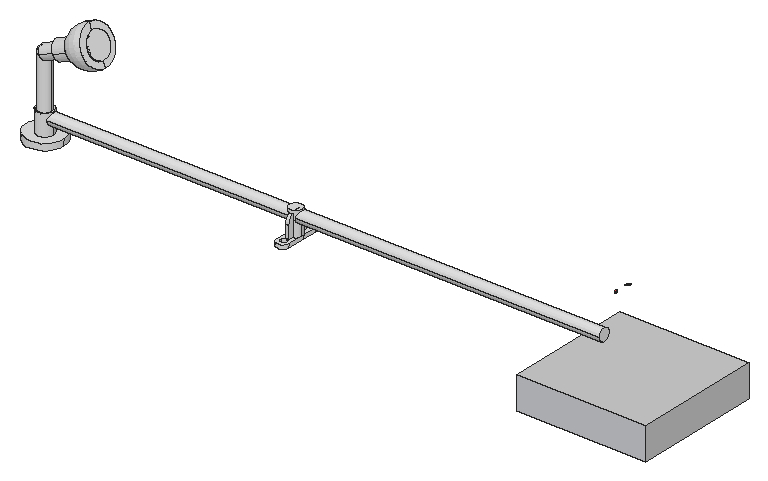
Revit family "PRESTO ALPA 90 ARTE con valvula de vaciado", category Aparatos sanitarios, Revit 2015
Parameters (values of type "98927")
  URL = "http://www.prestoiberica.com/ducha/temporizada-arte/conjunto-alpa-90-arte-con-rociador-orientable?c=es"
  Teléfono = "(+34) 915 782 575"
  TIPO DE AGUA = "Fria/Caliente"
  REFERENCIA = "98927"
  Presión Máxima = ""
  PESO BRUTO = "1.030 Kg"
  Keynote = ""
  Modelo = "CONJUNTO ALPA 90 ARTE CON ROCIADOR ORIENTABLE"
  Material = LATON CROMADO
  Imagen de tipo = <Ninguno>
  Fabricante = "PRESTO IBÉRICA"
  Default Elevation = 1219.2 mm
  ENTRADA = "Macho y hembra 3/4\""
  Descripción = "Conjunto suministrado con grifo PRESTO ALPA 90 ARTE, regulador automático de caudal, tubo brida, con racor y rociador antivandálico orientable en latón cromado y pulsador ARTE cromado."
  Código de montaje = "C1030220"
  Contacto = "info@prestoiberica.com"
  Conexión AF = yes
  Conexión AC = yes
  Comentarios de tipo = "Cabeza intercambiable que comprende todo el cuerpo del grifo\r\nCuerpo y pulsador de latón cromado,piezas interiores en materiales que soportan hasta los 70ºC que permiten desinfecciones térmicas anti-legionela. Válvulas antirretorno incorporadas."
  CIERRE = "Automático en 30 seg."
  CAUDAL = "8 L/Min"
  Accionamiento = "Por pulsador"
Reference planes
  plane 1 "Centro (Frontal/Posterior)": y = 0
  plane 2: z = 0
  plane 3 "Centro (Izquierda/Derecha)": x = 0
Forms (mm)
  Extrusion 1, solid
    sketch origin (0, 0, 0) x (1, 0, 0) y (0, 1, 0)
      loop
        line (-100, 100) -> (-100, -100) -> (100, -100) -> (100, 100) -> (-100, 100)
    from 0 to -50
  Extrusion 2, solid, material "AGUA CALIENTE"
    sketch origin (18.981, 18.832, 106.65) x (-0.374607, -0.927184, 0) y (0.927184, -0.374607, 0)
      loop
        arc (40.454, -24.81) -> (42.348, -22.538) -> (43.653, -19.884) r 12.445
        arc (43.653, -19.884) -> (43.179, -18.897) -> (42.192, -19.371) r 0.774
        arc (42.192, -19.371) -> (40.759, -21.672) -> (39.087, -23.806) r 25.099
        arc (39.087, -23.806) -> (39.352, -24.878) -> (40.454, -24.81) r 0.862
    from 0 to 0.2
  Extrusion 3, solid, material "AGUA FRIA"
    sketch origin (-1.84, -27.116, 106.65) x (-0.34202, 0.939693, 0) y (-0.939693, -0.34202, 0)
      loop
        arc (40.452, 3.771) -> (39.35, 3.839) -> (39.084, 2.766) r 0.862
        arc (39.084, 2.766) -> (40.757, 0.633) -> (42.189, -1.668) r 25.099
        arc (42.189, -1.668) -> (43.177, -2.142) -> (43.651, -1.155) r 0.774
        arc (43.651, -1.155) -> (42.346, 1.499) -> (40.452, 3.771) r 12.445
    from 0 to 0.2
  Sweep 4, solid, material "LATON CROMADO"
    path origin (0, 0, 0) x (1, 0, 0) y (0, 0, 1)
      loop
        line (-44.5, 32) -> (-904.458, 32)
    profile origin (-474.479, 0, 32) x (0, 0, -1) y (0, -1, 0)
      loop
        circle (0, 0) r 9
  Extrusion 5, solid, material "LATON CROMADO"
    sketch origin (0, 0, 0) x (1, 0, 0) y (0, 1, 0)
      loop
        line (-513.948, 2.095) -> (-513.948, 25.54)
        arc (-513.948, 25.54) -> (-523.721, 35.313) -> (-533.495, 25.54) r 9.774
        line (-533.495, 25.54) -> (-533.495, 2.095) -> (-533.495, -25.54)
        arc (-533.495, -25.54) -> (-523.721, -35.313) -> (-513.948, -25.54) r 9.774
        line (-513.948, -25.54) -> (-513.948, 2.095)
      loop
        circle (-523.721, 23.424) r 5
      loop
        circle (-523.721, -23.424) r 5
    from 0 to 5
  Extrusion 6, solid, material "LATON CROMADO"
    sketch origin (-523.721, 0, 0) x (0, 1, 0) y (0, 0, 1)
      loop
        line (-16.634, 5) -> (-10.056, 5) -> (-10.056, 24.076)
        arc (-10.056, 24.076) -> (-0.368, 33.763) -> (9.32, 24.076) r 9.688
        line (9.32, 24.076) -> (9.32, 5) -> (16.634, 5) -> (16.634, 24.366)
        arc (16.634, 24.366) -> (0, 41) -> (-16.634, 24.366) r 16.634
        line (-16.634, 24.366) -> (-16.634, 5)
    from 2.5 to -2.5
  Extrusion 7, solid, material "LATON CROMADO"
    sketch origin (0, 0, 0) x (1, 0, 0) y (0, 1, 0)
      loop
        circle (-524.148, 0) r 10
    from 5 to 41.61
  Extrusion 8, solid, material "LATON CROMADO"
    sketch origin (15, 0, 0) x (1, 0, 0) y (0, 1, 0)
      loop
        circle (-929.641, 0) r 30
    from 0 to 10
  Extrusion 9, solid, material "LATON CROMADO"
    sketch origin (15, 0, 10) x (1, 0, 0) y (0, 1, 0)
      loop
        circle (-929.641, 0) r 13
    from 0 to 32
  Extrusion 10, solid, material "LATON CROMADO"
    sketch origin (15, 0, 42) x (1, 0, 0) y (0, 1, 0)
      loop
        circle (-929.641, 0) r 10
    from 0 to 79
  Sweep 11, solid, material "LATON CROMADO"
    path origin (15, 0, 0) x (1, 0, 0) y (0, 0, 1)
      loop
        line (-929.641, 121) -> (-906.077, 131.988)
    profile origin (-902.859, 0, 126.494) x (-0.422618, 0, 0.906308) y (0, -1, 0)
      loop
        circle (0, 0) r 11
  Extrusion 12, solid, material "LATON CROMADO"
    sketch origin (-891.077, 0, 131.988) x (0, -1, 0) y (0.422618, 0, -0.906308)
      loop
        circle (0, 0) r 15
    from 0 to 23
  Revolve 13, solid, material "LATON CROMADO"
    sketch origin (15, 0, 0) x (1, 0, 0) y (0, 0, 1)
      loop
        line (-885.232, 141.708) -> (-847.967, 159.085) -> (-860.832, 186.674)
        arc (-860.832, 186.674) -> (-880.396, 175.098) -> (-891.571, 155.303) r 44
        line (-891.571, 155.303) -> (-885.232, 141.708)
      axis (-885.232, 141.708) -> (-847.967, 159.085)
    angle from 0 to 360
  Revolve 14, solid, material "LATON CROMADO"
    sketch origin (0, 0, 0) x (1, 0, 0) y (0, 0, 1)
      loop
        line (-924.641, 121) -> (-914.641, 121) -> (-914.641, 131) -> (-919.031, 131)
        arc (-919.031, 131) -> (-921.033, 128.41) -> (-923.282, 126.033) r 32.832
        arc (-923.282, 126.033) -> (-924.295, 123.606) -> (-924.641, 121) r 10
      axis (-914.641, 121) -> (-914.641, 131)
    angle from 0 to 360
  Extrusion 15, solid, material "LATON CROMADO"
    sketch origin (-832.967, 0, 159.085) x (0, 1, 0) y (-0.422618, 0, 0.906308)
      loop
        circle (0, 0) r 20
    from 0 to 2
Dimensions and locks
  Extrusion 1 sketch curve to plane 1 "Centro (Frontal/Posterior)" = 100 mm
  aligned and locked: plane 2 to Extrusion 1
  aligned and locked: level to Extrusion 1
Connectors
  piping at (0.5, -45, 32), diameter 19.1
    settings: on import instance, index 1, connector inside diameter 609.6 mm, connector length 0 mm, flow factor 0, pipe flow 0.0 L/s, pressure drop 0.0 Pa, fitting loss kfactor 0, connector angle 0.00°, fixture units 0, engagement length 0 mm, angle of deflection 0.00°, flow configuration 0, flow direction 1, fitting loss method 0, system type 19, joint type 0, gender type 0, connector reference index -1, connector utility 0, adjustable connector no, is connector primary yes, connector description ""
  piping at (0.5, 45, 32), diameter 19.1
    settings: on import instance, index 2, connector inside diameter 609.6 mm, connector length 0 mm, flow factor 0, pipe flow 0.0 L/s, pressure drop 0.0 Pa, fitting loss kfactor 0, connector angle 0.00°, fixture units 0, engagement length 0 mm, angle of deflection 0.00°, flow configuration 0, flow direction 1, fitting loss method 0, system type 20, joint type 0, gender type 0, connector reference index -1, connector utility 0, adjustable connector no, is connector primary no, connector description ""
